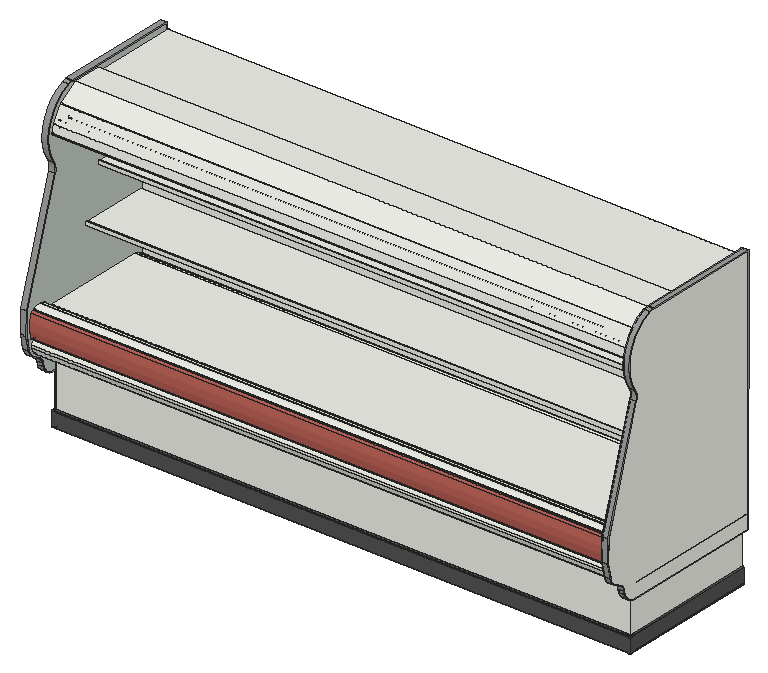
Revit family "IM3SL_2014", category Specialty Equipment, Revit 2014
Parameters (values of type "12'-0" Length")
  Width = 144 1/2"
  Waste Drain Location = if(Width < 144", 24 1/8", 72 3/16")  # 72 3/16"
  Waste Drain = 1 1/4"  # constant formula
  URL = "www.hussmann.com"
  Type Comments = ""
  Trim = Stainless Steel
  Total Weight = Case Weight + (2 * End Weight)  # 1550.00 lbf
  Top Clearance = 1 1/2"  # constant formula
  Splashguard = Textured Sheet Metal (Steel Painted) - 701 Black
  Side Panel - Right [instance] = yes
  Side Panel - Left [instance] = yes
  Shelves = Sheet Metal (Steel Painted) - 700 Interior White
  Shelf Lights [instance] = yes
  Shelf = yes
  Revit Family Date = "01/04/2016"  # constant formula
  Refrigeration Lines Suction = 7/8"  # constant formula
  Refrigeration Lines Liquid = 3/8"  # constant formula
  Refrig. Suction = "Suction"
  Refrig. Liquid = "Liquid"
  Number of Supports = if(Width = 48 1/8", 2, if(Width = 72 1/4", 3, if(Width = 96 1/4", 3, if(Width = 144 1/2", 4, 0))))  # 4
  Number of Shelves = 2  # constant formula
  Note from Manufacturer = "This model only comes in 4'-0\", 6'-0\", 8'-0\", and 12'-0\" lengths."
  Model = "IM3SL"  # constant formula
  Manufacturer Disclaimer = "The information in this file is not intended to be an exact representation of the corresponding Hussmann product.  Further, we reserve the right to change or revise specifications and product design in connection with any feature of our products. Such changes do not entitle the buyer to corresponding changes, improvements, additions, or replacements for equipment previously sold or shipped."  # constant formula
  Manufacturer = "Hussmann Corporation"  # constant formula
  Height = 75 1/4"  # constant formula
  Ends = Textured Sheet Metal (Steel Painted) - 149 White Satin Matte
  End Weight = 75.00 lbf  # constant formula
  Description = ""
  Depth = 43 5/8"  # constant formula
  Clearance [instance] = no
  Case Weight = if(Width = 48 1/8", 500.00 lbf, if(Width = 72 1/4", 900.00 lbf, if(Width = 96 1/4", 1050.00 lbf, if(Width = 144 1/2", 1400.00 lbf, 0.00 lbf))))  # 1400.00 lbf
  Case Interior - Side Panel = Mirror
  Case Interior - Back Panel = Sheet Metal (Steel Painted) - 700 Interior White
  Case = Textured Sheet Metal (Steel Painted) - 149 White Satin Matte
  Bumper = Extruded PVC - 715 Cherry
  Back Clearance = 1 1/2"  # constant formula
  Assembly Code = ""
  Accessories/Options = ""
  8 Case = Width = 72 1/4"  # no
  6 Case = Width = 96 1/4"  # no
  12 Case = Width = 144 1/2"  # yes
Reference planes (in)
  plane 1 "Back": y = 0
  plane 2 "Bottom": z = 0
  plane 3 "Top": z = 75.25
  plane 4 "Left": x = -77.30699
  plane 5 "Front": y = -43.625
  plane 6 "Center (Left/Right)": x = -5.05699
  plane 7: y = 1.5
  plane 8: x = -78.80699
  plane 9 "Right": x = 67.19301
  plane 10: x = 68.69301
  plane 11: z = 76.75
  plane 12: z = 54
  plane 13: z = 42
  plane 14: y = -35.04357
Forms (in)
  Extrusion 1, solid, material "Metal - Copper"
    sketch origin (63.0625, 1.04319, 0) x (1, 0, 0) y (0, 1, 0)
      loop
        arc (-68.05699, -33.91819) -> (-68.49893, -34.10125) -> (-68.68199, -34.54319) r 0.625
        arc (-68.68199, -34.54319) -> (-68.49893, -34.98513) -> (-68.05699, -35.16819) r 0.625
        arc (-68.05699, -35.16819) -> (-67.61504, -34.98513) -> (-67.43199, -34.54319) r 0.625
        arc (-67.43199, -34.54319) -> (-67.61504, -34.10125) -> (-68.05699, -33.91819) r 0.625
      loop
        circle (-68.05699, -34.54319) r 0.5852
    from 16.13709 to 0
  Extrusion 2, solid, material "Metal - Copper"
    sketch origin (57.40105, 5, -0.375) x (1, 0, 0) y (0, 1, 0)
      loop
        circle (0.72946, -34) r 0.41359
      loop
        circle (0.72946, -34) r 0.4375
    from 16.51209 to 0.375
  Extrusion 3, solid, material "Metal - Copper"
    sketch origin (59.82608, 5, -0.375) x (1, 0, 0) y (0, 1, 0)
      loop
        circle (-1.07057, -34) r 0.17188
      loop
        circle (-1.07057, -34) r 0.1875
    from 16.51209 to 0.375
  Extrusion 4, solid, material "Textured Sheet Metal (Steel Painted) - 149 White Satin Matte" <- "Case"
    sketch origin (67.19301, 0, 0) x (0, 0, 1) y (0, -1, 0)
      loop
        line (16.13254, 29.11766) -> (14.94408, 26.89187)
        arc (14.94408, 26.89187) -> (14.88552, 26.82612) -> (14.80214, 26.79782) r 0.17256
        line (14.80214, 26.79782) -> (14.20734, 26.8166) -> (13.68617, 26.771) -> (13.68617, 25.5286)
        arc (13.68617, 25.5286) -> (13.56643, 25.20399) -> (13.26456, 25.03492) r 0.49982
        line (13.26456, 25.03492) -> (10.66014, 24.62236) -> (10.66014, 17.29627)
        arc (10.66014, 17.29627) -> (10.68392, 17.17672) -> (10.75164, 17.07537) r 0.3124
        line (10.75164, 17.07537) -> (10.86573, 16.96128)
        arc (10.86573, 16.96128) -> (10.89686, 16.91946) -> (10.91468, 16.87047) r 0.17979
        arc (10.91468, 16.87047) -> (11.39191, 12.19429) -> (10.91468, 7.51811) r 23.14851
        arc (10.91468, 7.51811) -> (10.89686, 7.46911) -> (10.86573, 7.42729) r 0.17979
        line (10.86573, 7.42729) -> (10.75164, 7.3132)
        arc (10.75164, 7.3132) -> (10.68392, 7.21185) -> (10.66014, 7.0923) r 0.3124
        line (10.66014, 7.0923) -> (10.66014, 4.30582) -> (10.66014, 3.95541) -> (13.18734, 3.95547)
        arc (13.18734, 3.95547) -> (13.54079, 3.80907) -> (13.6872, 3.45563) r 0.49985
        line (13.6872, 3.45563) -> (13.6872, 2.3523) -> (13.92303, 2.34818) -> (14.73111, 2.31152) -> (16.67306, 0.37598)
        arc (16.67306, 0.37598) -> (17.07149, 0.0978) -> (17.54742, -0.00024) r 1.20416
        line (17.54742, -0.00024) -> (73.99157, -0.00024)
        arc (73.99157, -0.00024) -> (74.06276, 0.02925) -> (74.09225, 0.10044) r 0.10069
        line (74.09225, 0.10044) -> (74.09225, 21.6563) -> (75.12573, 21.6563) -> (75.12573, 28.9726) -> (72.13267, 33.49196)
        arc (72.13267, 33.49196) -> (72.11504, 33.60325) -> (72.04232, 33.68932) r 0.20951
        line (72.04232, 33.68932) -> (68.57087, 35.84392)
        arc (68.57087, 35.84392) -> (68.53987, 35.85971) -> (68.50667, 35.87008) r 0.2066
        line (68.50667, 35.87008) -> (66.58336, 36.29681)
        arc (66.58336, 36.29681) -> (66.52525, 36.2958) -> (66.47393, 36.26851) r 0.12446
        line (66.47393, 36.26851) -> (66.04959, 35.89306)
        arc (66.04959, 35.89306) -> (66.01859, 35.85097) -> (66.00761, 35.79985) r 0.12446
        line (66.00761, 35.79985) -> (66.00761, 35.3994)
        arc (66.00761, 35.3994) -> (66.01611, 35.35419) -> (66.04045, 35.31516) r 0.12446
        line (66.04045, 35.31516) -> (66.1655, 35.17917)
        arc (66.1655, 35.17917) -> (66.37068, 35.01433) -> (66.60527, 34.89498) r 1.27904
        arc (66.60527, 34.89498) -> (66.7736, 34.93251) -> (66.94013, 34.97734) r 3.95515
        arc (66.94013, 34.97734) -> (66.98304, 34.98758) -> (67.02341, 34.96979) r 0.06915
        line (67.02341, 34.96979) -> (67.11699, 34.88438)
        arc (67.11699, 34.88438) -> (67.2193, 34.81289) -> (67.33653, 34.77007) r 0.48189
        line (67.33653, 34.77007) -> (67.84017, 34.66369) -> (68.12153, 34.58556)
        arc (68.12153, 34.58556) -> (68.20732, 34.55382) -> (68.29814, 34.54304) r 0.38808
        line (68.29814, 34.54304) -> (68.57268, 34.5428)
        arc (68.57268, 34.5428) -> (68.61648, 34.52463) -> (68.63461, 34.48082) r 0.06198
        line (68.63461, 34.48082) -> (68.63461, 34.23039)
        spline (68.63461, 34.23039) -> (68.63408, 34.22223) -> (68.63248, 34.21422) -> (68.62985, 34.20648) -> (68.62624, 34.19915) -> (68.6217, 34.19236) -> (68.61631, 34.18621) -> (68.61017, 34.18082) -> (68.60338, 34.17629) -> (68.59605, 34.17267) -> (68.58831, 34.17004) -> (68.58029, 34.16845) -> (68.57214, 34.16792)
        line (68.57214, 34.16792) -> (68.32268, 34.16792)
        spline (68.32268, 34.16792) -> (68.31453, 34.16738) -> (68.30651, 34.16579) -> (68.29878, 34.16316) -> (68.29145, 34.15955) -> (68.28465, 34.15501) -> (68.27851, 34.14962) -> (68.27312, 34.14348) -> (68.26858, 34.13668) -> (68.26497, 34.12935) -> (68.26234, 34.12161) -> (68.26075, 34.1136) -> (68.26021, 34.10544)
        line (68.26021, 34.10544) -> (68.26021, 33.66807) -> (68.63461, 33.66807) -> (68.63461, 32.02261) -> (68.63461, 31.527)
        arc (68.63461, 31.527) -> (68.59801, 31.43864) -> (68.50965, 31.40204) r 0.12496
        line (68.50965, 31.40204) -> (68.29295, 31.40095)
        arc (68.29295, 31.40095) -> (68.20536, 31.36467) -> (68.16908, 31.27708) r 0.12387
        line (68.16908, 31.27708) -> (68.16908, 30.65565) -> (69.84423, 30.65565) -> (70.84979, 29.4579) -> (72.0151, 28.06987) -> (74.02151, 28.06987) -> (74.02151, 27.64574) -> (72.54043, 27.64574) -> (72.54043, 24.03345) -> (71.07273, 24.03345) -> (71.06187, 22.78932) -> (69.28373, 22.80484) -> (69.14153, 6.51002) -> (27.40618, 6.51002)
        arc (27.40618, 6.51002) -> (27.259, 7.04808) -> (26.83603, 7.41175) r 0.95364
        arc (26.83603, 7.41175) -> (26.17376, 7.53427) -> (25.53882, 7.75891) r 4.29036
        line (25.53882, 7.75891) -> (26.05056, 7.75983) -> (26.05056, 8.19834)
        arc (26.05056, 8.19834) -> (26.12346, 8.37435) -> (26.29947, 8.44725) r 0.24892
        line (26.29947, 8.44725) -> (26.40004, 8.44725)
        arc (26.40004, 8.44725) -> (26.46849, 8.4622) -> (26.52449, 8.5043) r 0.16429
        line (26.52449, 8.5043) -> (26.52449, 15.96655)
        arc (26.52449, 15.96655) -> (26.49798, 16.04334) -> (26.42973, 16.08741) r 0.12446
        arc (26.42973, 16.08741) -> (26.27138, 16.18966) -> (26.20986, 16.36782) r 0.28874
        line (26.20986, 16.36782) -> (26.20986, 23.14333)
        arc (26.20986, 23.14333) -> (26.18186, 24.02535) -> (26.09795, 24.90383) r 13.90253
        line (26.09795, 24.90383) -> (24.58034, 36.79172) -> (24.48052, 37.57367) -> (24.45189, 37.90092) -> (27.99146, 37.90092) -> (28.92043, 38.05834)
        arc (28.92043, 38.05834) -> (28.94168, 38.0655) -> (28.95969, 38.07888) r 0.0717
        line (28.95969, 38.07888) -> (29.86507, 39.00399)
        arc (29.86507, 39.00399) -> (29.87806, 39.02228) -> (29.88476, 39.04369) r 0.0717
        line (29.88476, 39.04369) -> (30.01889, 39.954)
        arc (30.01889, 39.954) -> (30.00603, 40.00651) -> (29.96047, 40.03692) r 0.0717
        arc (29.96047, 40.03692) -> (29.99883, 40.04617) -> (30.01841, 40.08041) r 0.04978
        arc (30.01841, 40.08041) -> (29.96582, 41.0929) -> (29.59, 42.03452) r 3.10624
        arc (29.59, 42.03452) -> (29.56854, 42.05489) -> (29.5393, 42.05948) r 0.04978
        line (29.5393, 42.05948) -> (29.09814, 41.86391) -> (23.22502, 41.86391) -> (23.0148, 42.07413)
        spline (23.0148, 42.07413) -> (23.02248, 42.06477) -> (23.02819, 42.0541) -> (23.0317, 42.04252) -> (23.03289, 42.03047) -> (23.0317, 42.01843) -> (23.02819, 42.00685) -> (23.02249, 41.99618) -> (23.01481, 41.98683) -> (23.00545, 41.97915) -> (22.99478, 41.97345) -> (22.9832, 41.96993) -> (22.97115, 41.96875)
        line (22.97115, 41.96875) -> (22.67405, 41.96875) -> (22.67405, 42.08578)
        arc (22.67405, 42.08578) -> (22.2812, 42.46446) -> (21.78372, 42.68861) r 1.59546
        arc (21.78372, 42.68861) -> (21.42323, 42.72046) -> (21.07178, 42.63412) r 1.10499
        line (21.07178, 42.63412) -> (19.77515, 42.07767)
        arc (19.77515, 42.07767) -> (19.69582, 42.0264) -> (19.6379, 41.95179) r 0.28177
        line (19.6379, 41.95179) -> (16.57726, 36.23822) -> (16.81529, 36.11071) -> (16.13254, 34.83615) -> (16.13254, 29.11766)
    from 0 to -144.5
  Extrusion 5, solid, material "Extruded PVC - 715 Cherry" <- "Bumper"
    sketch origin (67.19301, 0, 0) x (0, 0, 1) y (0, -1, 0)
      loop
        arc (23.36703, 42.9239) -> (23.09448, 42.71168) -> (22.91246, 42.4181) r 0.98023
        arc (22.91246, 42.4181) -> (22.89999, 42.38516) -> (22.88858, 42.35185) r 1.10618
        arc (22.88858, 42.35185) -> (22.89276, 42.24849) -> (22.93492, 42.15401) r 0.27444
        line (22.93492, 42.15401) -> (23.22502, 41.86391) -> (29.09814, 41.86391) -> (29.5393, 42.05948)
        arc (29.5393, 42.05948) -> (29.51384, 42.24188) -> (29.4603, 42.4181) r 1.17936
        arc (29.4603, 42.4181) -> (29.27828, 42.71168) -> (29.00573, 42.9239) r 0.98023
        arc (29.00573, 42.9239) -> (26.18638, 43.36556) -> (23.36703, 42.9239) r 9.21958
    from 0 to -144.5
  Extrusion 6, solid, material "Sheet Metal (Steel Painted) - 700 Interior White" <- "Shelves"
    sketch origin (67.19301, 0, 0) x (0, 0, 1) y (0, -1, 0)
      loop
        line (28.23938, 10.46248) -> (28.23938, 36.34987) -> (27.74827, 36.34987) -> (27.74827, 36.75909)
        arc (27.74827, 36.75909) -> (27.73516, 36.85863) -> (27.69674, 36.95138) r 0.38458
        line (27.69674, 36.95138) -> (27.61289, 37.09662) -> (27.22255, 37.09662) -> (27.22255, 37.05084) -> (27.38734, 36.76543) -> (27.38734, 35.3542) -> (27.61709, 35.3542) -> (27.61709, 10.46248) -> (27.76345, 10.46248) -> (27.76345, 10.01991) -> (27.76345, 9.8143) -> (27.40202, 9.8143) -> (27.40202, 8.89089) -> (27.23674, 8.60461) -> (27.23674, 8.56573) -> (27.63048, 8.56573) -> (27.76143, 8.79254) -> (27.76212, 9.48191)
        arc (27.76212, 9.48191) -> (27.81165, 9.36529) -> (27.92823, 9.31696) r 0.16478
        arc (27.92823, 9.31696) -> (28.00374, 9.33528) -> (28.06246, 9.38616) r 0.16478
        line (28.06246, 9.38616) -> (28.19187, 9.61031) -> (28.19187, 10.46248) -> (28.23938, 10.46248)
      loop
        arc (25.19576, 36.46249) -> (25.14137, 36.56499) -> (25.0328, 36.60597) r 0.16429
        line (25.0328, 36.60597) -> (24.93664, 36.60597)
        arc (24.93664, 36.60597) -> (24.77215, 36.66806) -> (24.68973, 36.82336) r 0.24892
        line (24.68973, 36.82336) -> (24.56586, 37.79362) -> (24.46243, 37.78042) -> (24.48052, 37.57367) -> (24.58034, 36.79172) -> (26.09795, 24.90383)
        arc (26.09795, 24.90383) -> (26.18186, 24.02535) -> (26.20986, 23.14333) r 13.90253
        line (26.20986, 23.14333) -> (26.20986, 16.36782)
        arc (26.20986, 16.36782) -> (26.27138, 16.18966) -> (26.42973, 16.08741) r 0.28874
        arc (26.42973, 16.08741) -> (26.49798, 16.04334) -> (26.52449, 15.96655) r 0.12446
        line (26.52449, 15.96655) -> (26.52449, 8.5043)
        arc (26.52449, 8.5043) -> (26.46849, 8.4622) -> (26.40004, 8.44725) r 0.16429
        line (26.40004, 8.44725) -> (26.29947, 8.44725)
        arc (26.29947, 8.44725) -> (26.12346, 8.37435) -> (26.05056, 8.19834) r 0.24892
        line (26.05056, 8.19834) -> (26.05056, 7.76003) -> (26.12324, 7.76016) -> (26.12324, 8.12565)
        arc (26.12324, 8.12565) -> (26.19615, 8.30166) -> (26.37216, 8.37457) r 0.24892
        line (26.37216, 8.37457) -> (26.4738, 8.37457) -> (26.85331, 8.37457)
        arc (26.85331, 8.37457) -> (26.94132, 8.41102) -> (26.97777, 8.49903) r 0.12446
        line (26.97777, 8.49903) -> (26.97777, 19.40559)
        arc (26.97777, 19.40559) -> (26.95064, 19.49602) -> (26.87821, 19.55659) r 0.16429
        arc (26.87821, 19.55659) -> (26.80577, 19.61715) -> (26.77864, 19.70759) r 0.16429
        line (26.77864, 19.70759) -> (26.77864, 23.14333)
        arc (26.77864, 23.14333) -> (26.74949, 24.06144) -> (26.66214, 24.97585) r 14.47131
        line (26.66214, 24.97585) -> (25.19576, 36.46249)
      loop
        arc (26.13745, 24.90887) -> (26.2216, 24.02788) -> (26.24969, 23.14333) r 13.94236
        line (26.24969, 23.14333) -> (26.24969, 16.3781)
        arc (26.24969, 16.3781) -> (26.31492, 16.21012) -> (26.47641, 16.13018) r 0.24892
        arc (26.47641, 16.13018) -> (26.583, 16.07741) -> (26.62605, 15.96655) r 0.16429
        line (26.62605, 15.96655) -> (26.62605, 8.61154)
        arc (26.62605, 8.61154) -> (26.57794, 8.49537) -> (26.46177, 8.44725) r 0.16429
        line (26.46177, 8.44725) -> (26.65991, 8.44725)
        arc (26.65991, 8.44725) -> (26.77607, 8.49537) -> (26.82419, 8.61154) r 0.16429
        line (26.82419, 8.61154) -> (26.82419, 19.32804)
        arc (26.82419, 19.32804) -> (26.79721, 19.41825) -> (26.72512, 19.47882) r 0.16429
        arc (26.72512, 19.47882) -> (26.65304, 19.5394) -> (26.62605, 19.62961) r 0.16429
        line (26.62605, 19.62961) -> (26.62605, 23.14333)
        arc (26.62605, 23.14333) -> (26.59721, 24.05176) -> (26.51078, 24.95653) r 14.31872
        line (26.51078, 24.95653) -> (25.17049, 35.45551)
        arc (25.17049, 35.45551) -> (25.11374, 35.56004) -> (25.00131, 35.59917) r 0.16429
        arc (25.00131, 35.59917) -> (24.83098, 35.65801) -> (24.745, 35.81639) r 0.24892
        line (24.745, 35.81639) -> (26.13745, 24.90887)
    from 0 to -144.5
  Extrusion 7, solid, material "Sheet Metal (Steel Painted) - 700 Interior White" <- "Case Interior - Back Panel"
    sketch origin (67.19301, 0, 0) x (0, 0, 1) y (0, -1, 0)
      loop
        arc (25.5383, 7.75891) -> (26.17342, 7.53419) -> (26.83588, 7.41166) r 4.29059
        arc (26.83588, 7.41166) -> (27.25888, 7.04802) -> (27.40608, 6.50998) r 0.95357
        line (27.40608, 6.50998) -> (69.14153, 6.50998) -> (69.29795, 24.43474) -> (68.94748, 24.4378)
        arc (68.94748, 24.4378) -> (68.93664, 24.46464) -> (68.90999, 24.47595) r 0.03783
        line (68.90999, 24.47595) -> (67.87054, 24.48502) -> (67.87124, 24.56482) -> (68.89124, 24.56482) -> (68.89124, 27.43665) -> (68.64233, 27.43665) -> (68.64233, 27.56111) -> (68.89124, 27.563) -> (68.89124, 30.03783) -> (68.83378, 30.03783) -> (68.83403, 30.55125)
        arc (68.83403, 30.55125) -> (68.79781, 30.61972) -> (68.72536, 30.6471) r 0.10952
        line (68.72536, 30.6471) -> (68.15743, 30.6471) -> (68.15743, 34.254)
        arc (68.15743, 34.254) -> (68.1446, 34.28498) -> (68.11361, 34.29782) r 0.04383
        line (68.11361, 34.29782) -> (66.91292, 34.29782)
        arc (66.91292, 34.29782) -> (66.88396, 34.26885) -> (66.91292, 34.23988) r 0.02897
        line (66.91292, 34.23988) -> (68.12854, 34.23988) -> (68.12854, 31.83951) -> (68.04988, 31.83951) -> (68.04988, 31.72601) -> (67.80395, 31.72601) -> (67.80395, 31.40839) -> (68.04988, 31.40839) -> (68.04988, 31.30167) -> (67.66956, 30.82239)
        arc (67.66956, 30.82239) -> (67.58007, 30.67233) -> (67.54892, 30.50041) r 0.49001
        line (67.54892, 30.50041) -> (67.54892, 29.85386)
        arc (67.54892, 29.85386) -> (67.56351, 29.81975) -> (67.59826, 29.80674) r 0.04718
        arc (67.59826, 29.80674) -> (67.62313, 29.83348) -> (67.59466, 29.85635) r 0.02494
        line (67.59466, 29.85635) -> (67.59466, 30.20966) -> (67.84579, 30.20966) -> (67.84579, 29.83523)
        arc (67.84579, 29.83523) -> (67.87068, 29.81034) -> (67.89558, 29.83523) r 0.02489
        line (67.89558, 29.83523) -> (67.89558, 24.7755)
        arc (67.89558, 24.7755) -> (67.8708, 24.79355) -> (67.85014, 24.7709) r 0.02297
        line (67.85014, 24.7709) -> (67.84778, 24.50016)
        arc (67.84778, 24.50016) -> (67.85863, 24.47331) -> (67.88528, 24.462) r 0.03783
        line (67.88528, 24.462) -> (68.92472, 24.45293) -> (68.77971, 7.8362) -> (25.5383, 7.75891)
    from 0 to -144.5
  Extrusion 8, solid, material "Textured Sheet Metal (Steel Painted) - 149 White Satin Matte" <- "Ends", visible <- "Side Panel - Right"
    sketch origin (67.19301, 0, 0) x (0, 0, 1) y (0, -1, 0)
      loop
        arc (17.86589, 40.39382) -> (17.08249, 39.43818) -> (15.98034, 38.87939) r 2.99995
        line (15.98034, 38.87939) -> (15.03076, 38.62494)
        arc (15.03076, 38.62494) -> (13.42718, 37.55347) -> (12.80725, 35.72721) r 2.99995
        line (12.80725, 35.72721) -> (12.75926, 35.72721) -> (12.75926, -0.00022) -> (75.48926, -0.00022) -> (75.48926, 29.63436) -> (75.44127, 29.63436)
        arc (75.44127, 29.63436) -> (75.38405, 30.21748) -> (75.21457, 30.77836) r 2.99995
        arc (75.21457, 30.77836) -> (68.54359, 36.82586) -> (59.64038, 35.48157) r 10.49984
        arc (59.64038, 35.48157) -> (58.38585, 34.99922) -> (57.04661, 35.11307) r 2.99995
        line (57.04661, 35.11307) -> (29.85838, 43.84423) -> (24.27437, 44.07527) -> (20.50895, 43.20143)
        arc (20.50895, 43.20143) -> (19.34828, 42.64946) -> (18.52512, 41.66244) r 2.99995
        line (18.52512, 41.66244) -> (17.86589, 40.39382)
    from 1.5 to 0.03125
  Extrusion 9, solid, material "Mirror" <- "Case Interior - Side Panel", visible <- "Side Panel - Right"
    sketch origin (67.19301, 0, 0) x (0, 0, 1) y (0, -1, 0)
      loop
        arc (17.86589, 40.39382) -> (17.08249, 39.43818) -> (15.98034, 38.87939) r 2.99995
        line (15.98034, 38.87939) -> (15.03076, 38.62494)
        arc (15.03076, 38.62494) -> (13.42718, 37.55347) -> (12.80725, 35.72721) r 2.99995
        line (12.80725, 35.72721) -> (12.75926, 35.72721) -> (12.75926, -0.00022) -> (75.48926, -0.00022) -> (75.48926, 29.63436) -> (75.44127, 29.63436)
        arc (75.44127, 29.63436) -> (75.38405, 30.21748) -> (75.21457, 30.77836) r 2.99995
        arc (75.21457, 30.77836) -> (68.54359, 36.82586) -> (59.64038, 35.48157) r 10.49984
        arc (59.64038, 35.48157) -> (58.38585, 34.99922) -> (57.04661, 35.11307) r 2.99995
        line (57.04661, 35.11307) -> (29.85838, 43.84423) -> (24.27437, 44.07527) -> (20.50895, 43.20143)
        arc (20.50895, 43.20143) -> (19.34828, 42.64946) -> (18.52512, 41.66244) r 2.99995
        line (18.52512, 41.66244) -> (17.86589, 40.39382)
    from 0.03125 to 0
  Extrusion 10, solid, material "Textured Sheet Metal (Steel Painted) - 149 White Satin Matte" <- "Ends", visible <- "Side Panel - Left"
    sketch origin (-77.30699, 0, 0) x (0, 1, 0) y (0, 0, 1)
      loop
        arc (-40.39382, 17.86589) -> (-39.43818, 17.08249) -> (-38.87939, 15.98034) r 2.99995
        line (-38.87939, 15.98034) -> (-38.62494, 15.03076)
        arc (-38.62494, 15.03076) -> (-37.55347, 13.42718) -> (-35.72721, 12.80725) r 2.99995
        line (-35.72721, 12.80725) -> (-35.72721, 12.75926) -> (0.00022, 12.75926) -> (0.00022, 75.48926) -> (-29.63436, 75.48926) -> (-29.63436, 75.44127)
        arc (-29.63436, 75.44127) -> (-30.21748, 75.38405) -> (-30.77836, 75.21457) r 2.99995
        arc (-30.77836, 75.21457) -> (-36.82586, 68.54359) -> (-35.48157, 59.64038) r 10.49984
        arc (-35.48157, 59.64038) -> (-34.99922, 58.38585) -> (-35.11307, 57.04661) r 2.99995
        line (-35.11307, 57.04661) -> (-43.84423, 29.85838) -> (-44.07527, 24.27437) -> (-43.20143, 20.50895)
        arc (-43.20143, 20.50895) -> (-42.64946, 19.34828) -> (-41.66244, 18.52512) r 2.99995
        line (-41.66244, 18.52512) -> (-40.39382, 17.86589)
    from -0.03125 to -1.5
  Extrusion 11, solid, material "Mirror" <- "Case Interior - Side Panel", visible <- "Side Panel - Left"
    sketch origin (-77.30699, 0, 0) x (0, 1, 0) y (0, 0, 1)
      loop
        arc (-40.39382, 17.86589) -> (-39.43818, 17.08249) -> (-38.87939, 15.98034) r 2.99995
        line (-38.87939, 15.98034) -> (-38.62494, 15.03076)
        arc (-38.62494, 15.03076) -> (-37.55347, 13.42718) -> (-35.72721, 12.80725) r 2.99995
        line (-35.72721, 12.80725) -> (-35.72721, 12.75926) -> (0.00022, 12.75926) -> (0.00022, 75.48926) -> (-29.63436, 75.48926) -> (-29.63436, 75.44127)
        arc (-29.63436, 75.44127) -> (-30.21748, 75.38405) -> (-30.77836, 75.21457) r 2.99995
        arc (-30.77836, 75.21457) -> (-36.82586, 68.54359) -> (-35.48157, 59.64038) r 10.49984
        arc (-35.48157, 59.64038) -> (-34.99922, 58.38585) -> (-35.11307, 57.04661) r 2.99995
        line (-35.11307, 57.04661) -> (-43.84423, 29.85838) -> (-44.07527, 24.27437) -> (-43.20143, 20.50895)
        arc (-43.20143, 20.50895) -> (-42.64946, 19.34828) -> (-41.66244, 18.52512) r 2.99995
        line (-41.66244, 18.52512) -> (-40.39382, 17.86589)
    from 0 to -0.03125
  Extrusion 12, solid, material "Stainless Steel" <- "Trim"
    sketch origin (67.19301, 0, 0) x (0, 0, 1) y (0, -1, 0)
      loop
        line (2.94201, 0.90695) -> (2.62114, 0.90695) -> (2.62114, 0.84996) -> (2.92704, 0.84996)
        arc (2.92704, 0.84996) -> (2.97794, 0.87105) -> (2.999, 0.92196) r 0.07196
        line (2.999, 0.92196) -> (2.999, 2.18755)
        arc (2.999, 2.18755) -> (2.97791, 2.23844) -> (2.92701, 2.25951) r 0.07199
        line (2.92701, 2.25951) -> (0.07193, 2.25951)
        arc (0.07193, 2.25951) -> (0.02199, 2.23936) -> (0, 2.1902) r 0.07199
        line (0, 2.1902) -> (0, 0.92016)
        arc (0, 0.92016) -> (0.02167, 0.8704) -> (0.07194, 0.84992) r 0.07196
        line (0.07194, 0.84992) -> (0.37783, 0.84992) -> (0.37783, 0.9069) -> (0.05694, 0.9069) -> (0.05694, 2.20252) -> (2.94201, 2.20252) -> (2.94201, 0.90695)
    from 0 to -144.5
  Sweep 13, solid, material "Stainless Steel" <- "Trim", visible <- "Side Panel - Right"
    path origin (67.19301, 0, 0) x (0, 0, 1) y (0, -1, 0)
      loop
        line (12.75926, -0.00022) -> (75.48926, -0.00022) -> (75.48926, 29.63436) -> (75.44127, 29.63436)
        arc (75.44127, 29.63436) -> (75.38405, 30.21748) -> (75.21457, 30.77836) r 2.99995
        arc (75.21457, 30.77836) -> (68.54359, 36.82586) -> (59.64038, 35.48157) r 10.49984
        arc (59.64038, 35.48157) -> (58.38585, 34.99922) -> (57.04661, 35.11307) r 2.99995
        line (57.04661, 35.11307) -> (29.85838, 43.84423) -> (24.27437, 44.07527) -> (20.50895, 43.20143)
        arc (20.50895, 43.20143) -> (19.34828, 42.64946) -> (18.52512, 41.66244) r 2.99995
        line (18.52512, 41.66244) -> (17.86589, 40.39382)
        arc (17.86589, 40.39382) -> (17.08249, 39.43818) -> (15.98034, 38.87939) r 2.99995
        line (15.98034, 38.87939) -> (15.03076, 38.62494)
        arc (15.03076, 38.62494) -> (13.42718, 37.55347) -> (12.80725, 35.72721) r 2.99995
        line (12.80725, 35.72721) -> (12.75926, 35.72721) -> (12.75926, -0.00022)
    profile origin (67.19301, -17.8635, 12.75926) x (0, 0, -1) y (1, 0, 0)
      loop
        line (0, 0) -> (0.0625, 0) -> (0.0625, 1.5) -> (0, 1.5) -> (0, 0)
  Sweep 14, solid, material "Stainless Steel" <- "Trim", visible <- "Side Panel - Left"
    path origin (-77.30699, 0, 0) x (0, 1, 0) y (0, 0, 1)
      loop
        line (0.00022, 12.75926) -> (0.00022, 75.48926) -> (-29.63436, 75.48926) -> (-29.63436, 75.44127)
        arc (-29.63436, 75.44127) -> (-30.21748, 75.38405) -> (-30.77836, 75.21457) r 2.99995
        arc (-30.77836, 75.21457) -> (-36.82586, 68.54359) -> (-35.48157, 59.64038) r 10.49984
        arc (-35.48157, 59.64038) -> (-34.99922, 58.38585) -> (-35.11307, 57.04661) r 2.99995
        line (-35.11307, 57.04661) -> (-43.84423, 29.85838) -> (-44.07527, 24.27437) -> (-43.20143, 20.50895)
        arc (-43.20143, 20.50895) -> (-42.64946, 19.34828) -> (-41.66244, 18.52512) r 2.99995
        line (-41.66244, 18.52512) -> (-40.39382, 17.86589)
        arc (-40.39382, 17.86589) -> (-39.43818, 17.08249) -> (-38.87939, 15.98034) r 2.99995
        line (-38.87939, 15.98034) -> (-38.62494, 15.03076)
        arc (-38.62494, 15.03076) -> (-37.55347, 13.42718) -> (-35.72721, 12.80725) r 2.99995
        line (-35.72721, 12.80725) -> (-35.72721, 12.75926) -> (0.00022, 12.75926)
    profile origin (-77.30699, -17.8635, 12.75926) x (0, 0, -1) y (1, 0, 0)
      loop
        line (0, 0) -> (0, -1.5) -> (0.0625, -1.5) -> (0.0625, 0) -> (0, 0)
  Sweep 15, solid, material "Textured Sheet Metal (Steel Painted) - 149 White Satin Matte" <- "Case"
    path origin (0, 0, 0) x (1, 0, 0) y (0, 1, 0)
      loop
        line (-77.30699, 0) -> (-77.30699, -35.04357) -> (67.19301, -35.04357) -> (67.19301, 0)
    profile origin (-5.05699, -35.04357, 0) x (0, 1, 0) y (0, 0, 1)
      loop
        line (0.035, 3.97362) -> (0.035, 15.2816)
        arc (0.035, 15.2816) -> (0.0283, 15.3066) -> (0.01, 15.3249) r 0.05
        line (0.01, 15.3249) -> (-0.99297, 15.90397) -> (-0.99297, 16.57076) -> (-1.02797, 16.57076) -> (-1.02797, 15.91263)
        arc (-1.02797, 15.91263) -> (-1.02127, 15.88763) -> (-1.00297, 15.86933) r 0.05
        line (-1.00297, 15.86933) -> (0, 15.29026) -> (0, 3.97362) -> (0.035, 3.97362)
  Sweep 16, solid, material "Textured Sheet Metal (Steel Painted) - 701 Black" <- "Splashguard"
    path origin (0, 0, 0) x (1, 0, 0) y (0, 1, 0)
      loop
        line (-77.30699, 0) -> (-77.30699, -35.04357) -> (67.19301, -35.04357) -> (67.19301, 0)
    profile origin (-5.05699, -35.04357, 0) x (0, 1, 0) y (0, 0, 1)
      loop
        line (0.035, 2.13805) -> (0.035, 3.97362) -> (0, 3.97362)
        arc (0, 3.97362) -> (-0.02734, 4.01818) -> (-0.07945, 4.01402) r 0.05
        line (-0.07945, 4.01402) -> (-0.46846, 3.73045)
        arc (-0.46846, 3.73045) -> (-0.48357, 3.71271) -> (-0.48901, 3.69004) r 0.05
        line (-0.48901, 3.69004) -> (-0.48901, 0.04909)
        arc (-0.48901, 0.04909) -> (-0.46401, 0.00579) -> (-0.41401, 0.00579) r 0.05
        line (-0.41401, 0.00579) -> (-0.33901, 0.04909) -> (-0.14057, 0.04909)
        arc (-0.14057, 0.04909) -> (-0.06087, -0.00005) -> (0, 0.07109) r 0.07201
        line (0, 0.07109) -> (0, 2.13805) -> (0.035, 2.13805)
Cuts and joins
  joined: Extrusion 4, Sweep 15
Lines and regions (in)
  reference lines
    curve 1: line (-4.99449, -43.625, 0) -> (-4.99449, 0, 0)
    curve 2: line (58.56801, -43.625, 0) -> (58.56801, 0, 0)
    curve 3: line (-77.30699, -33.5, 0) -> (67.19301, -33.5, 0)
    curve 4: line (67.19301, -29, 0) -> (-77.30699, -29, 0)
  symbolic lines, style "Clearance", visible <- "Clearance"
    curve 5: line (-77.30699, 0, 0) -> (-77.30699, 1.5, 0)
    curve 6: line (-77.30699, 1.5, 0) -> (67.19301, 1.5, 0)
    curve 7: line (67.19301, 1.5, 0) -> (67.19301, 0, 0)
    curve 8: line (67.19301, 0.06272, 74.09225) -> (67.19301, 1.5, 74.09225)
    curve 9: line (67.19301, 1.5, 74.09225) -> (67.19301, 1.5, 0)
    curve 10: line (67.19301, 1.5, 0) -> (67.19301, 0, 0)
    curve 11: line (67.19301, 0, 75.55176) -> (67.19301, 0, 76.75)
    curve 12: line (67.19301, 0, 76.75) -> (67.19301, -37.33669, 76.75)
    curve 13: line (67.19301, -37.33669, 65.50816) -> (67.19301, -37.33669, 76.75)
    curve 14: line (-77.30699, -40, 75.55176) -> (-77.30699, -40, 76.75)
    curve 15: line (-77.30699, -40, 76.75) -> (67.19301, -40, 76.75)
    curve 16: line (67.19301, -40, 76.75) -> (67.19301, -40, 75.55176)
  model lines, style "SpecialityEquipment", detail levels fine
    curve 17: line (67.19301, -36.11071, 16.81529) -> (67.19301, -41.86391, 19.89716)
    curve 18: line (67.19301, -41.86391, 19.89716) -> (67.19301, -41.86391, 29.09814)
    curve 19: line (67.19301, -41.86391, 29.09814) -> (67.19301, -40.85581, 29.09814)
    curve 20: line (67.19301, -40.85581, 29.09814) -> (67.19301, -40.85581, 23.4303)
    curve 21: arc (67.19301, -40.85581, 23.4303) -> (67.19301, -40.81792, 23.23978) -> (67.19301, -40.71, 23.07827) r 0.49783
    curve 22: line (67.19301, -40.71, 23.07827) -> (67.19301, -40.0335, 22.40178)
    curve 23: arc (67.19301, -40.0335, 22.40178) -> (67.19301, -39.92559, 22.24027) -> (67.19301, -39.88769, 22.04975) r 0.49783
    curve 24: line (67.19301, -39.88769, 22.04975) -> (67.19301, -39.88769, 21.57623)
    curve 25: arc (67.19301, -39.88769, 21.57623) -> (67.19301, -39.74188, 21.2242) -> (67.19301, -39.38986, 21.07839) r 0.49783
    curve 26: line (67.19301, -39.38986, 21.07839) -> (67.19301, -38.58193, 21.07839)
    curve 27: arc (67.19301, -38.58193, 21.07839) -> (67.19301, -38.2361, 20.93867) -> (67.19301, -38.0844, 20.59793) r 0.49783
    curve 28: line (67.19301, -38.0844, 20.59793) -> (67.19301, -38.07501, 20.32913)
    curve 29: arc (67.19301, -38.07501, 20.32913) -> (67.19301, -38.00007, 20.08335) -> (67.19301, -37.81255, 19.90767) r 0.49783
    curve 30: line (67.19301, -37.81255, 19.90767) -> (67.19301, -37.09237, 19.52188)
    curve 31: arc (67.19301, -37.09237, 19.52188) -> (67.19301, -36.97848, 19.47786) -> (67.19301, -36.85729, 19.46288) r 0.49783
    curve 32: line (67.19301, -36.85729, 19.46288) -> (67.19301, -34.6692, 19.46288)
    curve 33: arc (67.19301, -34.6692, 19.46288) -> (67.19301, -34.42029, 19.52958) -> (67.19301, -34.23807, 19.7118) r 0.49783
    curve 34: line (67.19301, -34.23807, 19.7118) -> (67.19301, -33.59278, 20.82947)
    curve 35: arc (67.19301, -33.59278, 20.82947) -> (67.19301, -33.41056, 21.01169) -> (67.19301, -33.16164, 21.07839) r 0.49783
    curve 36: line (67.19301, -33.16164, 21.07839) -> (67.19301, -24.36655, 21.07839)
    curve 37: line (67.19301, -24.36655, 21.07839) -> (67.19301, -11.04957, 23.03785)
    curve 38: arc (67.19301, -11.04957, 23.03785) -> (67.19301, -9.08537, 23.86117) -> (67.19301, -7.7591, 25.5276) r 4.29036
  model lines, style "SpecialityEquipment", not visible, detail levels fine
    curve 39: line (67.19301, -36.11071, 16.81529) -> (67.19301, -41.86391, 19.89716)
    curve 40: line (67.19301, -41.86391, 19.89716) -> (67.19301, -41.86391, 29.09814)
    curve 41: line (67.19301, -41.86391, 29.09814) -> (67.19301, -40.85581, 29.09814)
    curve 42: line (67.19301, -40.85581, 29.09814) -> (67.19301, -40.85581, 23.4303)
    curve 43: arc (67.19301, -40.85581, 23.4303) -> (67.19301, -40.81792, 23.23978) -> (67.19301, -40.71, 23.07827) r 0.49783
    curve 44: line (67.19301, -40.71, 23.07827) -> (67.19301, -40.0335, 22.40178)
    curve 45: arc (67.19301, -40.0335, 22.40178) -> (67.19301, -39.92559, 22.24027) -> (67.19301, -39.88769, 22.04975) r 0.49783
    curve 46: line (67.19301, -39.88769, 22.04975) -> (67.19301, -39.88769, 21.57623)
    curve 47: arc (67.19301, -39.88769, 21.57623) -> (67.19301, -39.74188, 21.2242) -> (67.19301, -39.38986, 21.07839) r 0.49783
    curve 48: line (67.19301, -39.38986, 21.07839) -> (67.19301, -38.58193, 21.07839)
    curve 49: arc (67.19301, -38.58193, 21.07839) -> (67.19301, -38.2361, 20.93867) -> (67.19301, -38.0844, 20.59793) r 0.49783
    curve 50: line (67.19301, -38.0844, 20.59793) -> (67.19301, -38.07501, 20.32913)
    curve 51: arc (67.19301, -38.07501, 20.32913) -> (67.19301, -38.00007, 20.08335) -> (67.19301, -37.81255, 19.90767) r 0.49783
    curve 52: line (67.19301, -37.81255, 19.90767) -> (67.19301, -37.09237, 19.52188)
    curve 53: arc (67.19301, -37.09237, 19.52188) -> (67.19301, -36.97848, 19.47786) -> (67.19301, -36.85729, 19.46288) r 0.49783
    curve 54: line (67.19301, -36.85729, 19.46288) -> (67.19301, -34.6692, 19.46288)
    curve 55: arc (67.19301, -34.6692, 19.46288) -> (67.19301, -34.42029, 19.52958) -> (67.19301, -34.23807, 19.7118) r 0.49783
    curve 56: line (67.19301, -34.23807, 19.7118) -> (67.19301, -33.59278, 20.82947)
    curve 57: arc (67.19301, -33.59278, 20.82947) -> (67.19301, -33.41056, 21.01169) -> (67.19301, -33.16164, 21.07839) r 0.49783
    curve 58: line (67.19301, -33.16164, 21.07839) -> (67.19301, -24.36655, 21.07839)
    curve 59: line (67.19301, -24.36655, 21.07839) -> (67.19301, -11.04957, 23.03785)
    curve 60: arc (67.19301, -11.04957, 23.03785) -> (67.19301, -9.08537, 23.86117) -> (67.19301, -7.7591, 25.5276) r 4.29036
Dimensions and locks (in)
  equal spacing: plane 4 "Left", plane 6 "Center (Left/Right)", plane 9 "Right"
  locked: plane 8 to plane 4 "Left" at 1.5
  "Width": plane 4 "Left" to plane 9 "Right"
  "Waste Drain Location": curve 1 to plane 9 "Right"
  "Depth": plane 5 "Front" to plane 1 "Back"
  "Back Clearance": plane 1 "Back" to plane 7
  locked: curve 2 to plane 9 "Right" at 8.625
  "Height": plane 3 "Top" to level
  locked: plane 1 "Back" to curve 3 at 33.5
  locked: plane 1 "Back" to curve 4 at 29
  locked: plane 9 "Right" to plane 10 at 1.5
  "Top Clearance": plane 11 to plane 3 "Top"
  locked: Extrusion 1 sketch curve to Extrusion 1 sketch curve at 0.0398
  locked: Extrusion 3 sketch curve to Extrusion 3 sketch curve at 0.01562
  locked: Extrusion 2 sketch curve to Extrusion 2 sketch curve at 0.02391
  locked: Extrusion 9 to plane 9 "Right" at 0.03125
  locked: plane 4 "Left" to Extrusion 11 at 0.03125
  plane 12 to level = 54"
  plane 13 to level = 42"
  nested 9 to plane 6 "Center (Left/Right)" to nested 7 = 24" locked, 24" locked
  "Waste Drain": diameter of Extrusion 1 sketch curve
  "Refrigeration Lines Liquid": diameter of Extrusion 3 sketch curve
  "Refrigeration Lines Suction": diameter of Extrusion 2 sketch curve
  aligned and locked: plane 5 "Front" to curve 1
  aligned and locked: plane 4 "Left" to curve 3
  aligned and locked: plane 4 "Left" to curve 4
  aligned and locked: plane 9 "Right" to curve 4
  aligned and locked: plane 9 "Right" to curve 3
  aligned and locked: Extrusion 2 to level
  aligned and locked: Extrusion 3 to level
  aligned and locked: curve 4 to Extrusion 3 sketch curve  (x4)
  aligned and locked: curve 4 to Extrusion 2 sketch curve  (x4)
  aligned and locked: curve 3 to Extrusion 1 sketch curve  (x3)
  aligned and locked: curve 1 to Extrusion 1 sketch curve
  aligned and locked: curve 2 to Extrusion 3 sketch curve
  aligned and locked: curve 2 to Extrusion 2 sketch curve
  aligned and locked: Extrusion 1 to level
  aligned and locked: Extrusion 4 to plane 4 "Left"
  aligned and locked: plane 9 "Right" to Extrusion 4
  aligned and locked: Extrusion 2 to Extrusion 1
  aligned and locked: Extrusion 3 to Extrusion 1
  aligned and locked: Extrusion 5 to plane 4 "Left"
  aligned and locked: plane 9 "Right" to Extrusion 5
  aligned and locked: Extrusion 6 to plane 4 "Left"
  aligned and locked: plane 9 "Right" to Extrusion 6
  aligned and locked: Extrusion 7 to plane 4 "Left"
  aligned and locked: plane 9 "Right" to Extrusion 7
  aligned and locked: plane 10 to Extrusion 8
  aligned and locked: Extrusion 9 to plane 9 "Right"
  aligned and locked: Extrusion 8 to Extrusion 9
  aligned and locked: plane 8 to Extrusion 10
  aligned and locked: plane 4 "Left" to Extrusion 11
  aligned and locked: Extrusion 10 to Extrusion 11
  aligned and locked: Extrusion 12 to plane 4 "Left"
  aligned and locked: plane 9 "Right" to Extrusion 12
  aligned and locked: plane 10 to Sweep 13 sketch curve
  aligned and locked: Sweep 13 sketch curve to plane 9 "Right"
  aligned and locked: plane 4 "Left" to Sweep 14 sketch curve
  aligned and locked: plane 8 to Sweep 14 sketch curve
  aligned and locked: plane 4 "Left" to nested 1
  aligned and locked: plane 4 "Left" to nested 2
  aligned and locked: plane 12 to nested 2
  aligned and locked: plane 13 to nested 3
  aligned and locked: plane 4 "Left" to nested 3
  aligned and locked: plane 4 "Left" to nested 4
  aligned and locked: plane 4 "Left" to nested 5
  aligned and locked: curve 7 to plane 9 "Right"
  aligned and locked: plane 4 "Left" to curve 5
  aligned and locked: curve 6 to plane 7
  aligned and locked: curve 9 to plane 7
  aligned and locked: level to curve 10
  aligned and locked: curve 11 to plane 1 "Back"
  aligned and locked: curve 12 to plane 11
  aligned and locked: plane 11 to curve 15
  aligned and locked: curve 16 to plane 9 "Right"
  aligned and locked: plane 4 "Left" to curve 14
  aligned and locked: Sweep 15 sketch curve to plane 4 "Left"
  aligned and locked: Sweep 15 sketch curve to plane 9 "Right"
  aligned and locked: Sweep 15 sketch curve to plane 14
  aligned and locked: plane 14 to Sweep 15 sketch curve
  aligned and locked: Sweep 16 to nested 6
  aligned and locked: nested 8 to Sweep 16
  aligned and locked: plane 6 "Center (Left/Right)" to nested 11
  aligned and locked: plane 6 "Center (Left/Right)" to nested 10
Automatic sketch dimensions
  plane 5 "Front" to Extrusion 5 sketch curve = 1.47099"
  Extrusion 5 sketch curve to Extrusion 5 sketch curve = 0.29011"
  Extrusion 5 sketch curve to Extrusion 5 sketch curve = 0.22506"
  Extrusion 5 sketch curve to Extrusion 5 sketch curve = 0.66357"
  Extrusion 5 sketch curve to Extrusion 5 sketch curve = 0.11707"
  Extrusion 5 sketch curve to Extrusion 5 sketch curve = 0.18711"
  Extrusion 5 sketch curve to Extrusion 5 sketch curve = 0.12424"
  Extrusion 5 sketch curve to Extrusion 5 sketch curve = 0.06832"
  Extrusion 5 sketch curve to Extrusion 5 sketch curve = 0.04647"
  Extrusion 5 sketch curve to Extrusion 5 sketch curve = 0.15706"
  Extrusion 5 sketch curve to Extrusion 5 sketch curve = 0.04634"
  Extrusion 5 sketch curve to Extrusion 5 sketch curve = 0"
  Extrusion 5 sketch curve to Extrusion 5 sketch curve = 0.20706"
  plane 5 "Front" to Extrusion 5 sketch curve = 0.7011"
  Extrusion 6 sketch curve to Extrusion 6 sketch curve = 0"  (x21)
  Extrusion 6 sketch curve to Extrusion 6 sketch curve = 0.03485"
  Extrusion 6 sketch curve to Extrusion 6 sketch curve = 0.12446"
  Extrusion 6 sketch curve to Extrusion 6 sketch curve = 0.15358"
  Extrusion 6 sketch curve to Extrusion 6 sketch curve = 0.0107"
  Extrusion 6 sketch curve to Extrusion 6 sketch curve = 0.15259"  (x2)
  Extrusion 6 sketch curve to Extrusion 6 sketch curve = 3/256"
  plane 5 "Front" to Extrusion 6 sketch curve = 18.64915"
  Extrusion 6 sketch curve to Extrusion 6 sketch curve = 0.1165"
  Extrusion 6 sketch curve to Extrusion 6 sketch curve = 0.16429"  (x2)
  Extrusion 6 sketch curve to Extrusion 6 sketch curve = 0.03385"
  Extrusion 6 sketch curve to Extrusion 6 sketch curve = 13/128"
  plane 5 "Front" to Extrusion 6 sketch curve = 18.66847"
  Extrusion 6 sketch curve to Extrusion 6 sketch curve = 0.02589"
  Extrusion 6 sketch curve to Extrusion 6 sketch curve = 0.05069"
  Extrusion 6 sketch curve to Extrusion 6 sketch curve = 0.06273"  (x2)
  Extrusion 6 sketch curve to Extrusion 6 sketch curve = 0.06173"  (x2)
  Extrusion 6 sketch curve to Extrusion 6 sketch curve = 0.02788"
  Extrusion 6 sketch curve to Extrusion 6 sketch curve = 0.10056"
  Extrusion 6 sketch curve to Extrusion 6 sketch curve = 0.24892"  (x2)
  Extrusion 6 sketch curve to Extrusion 6 sketch curve = 0.03983"
  plane 5 "Front" to Extrusion 6 sketch curve = 18.71613"
  plane 5 "Front" to Extrusion 6 sketch curve = 18.72117"
  Extrusion 6 sketch curve to Extrusion 6 sketch curve = 0.07268"  (x2)
  plane 5 "Front" to Extrusion 6 sketch curve = 7.16251"
  Extrusion 6 sketch curve to Extrusion 6 sketch curve = 2.02679"
  plane 5 "Front" to Extrusion 6 sketch curve = 8.16949"
  Extrusion 6 sketch curve to Extrusion 6 sketch curve = 0.02527"
  Extrusion 6 sketch curve to Extrusion 6 sketch curve = 0.16296"  (x2)
  Extrusion 6 sketch curve to Extrusion 6 sketch curve = 1/64"
  Extrusion 6 sketch curve to Extrusion 6 sketch curve = 0.09616"
  plane 5 "Front" to Extrusion 6 sketch curve = 6.80164"
  Extrusion 6 sketch curve to Extrusion 6 sketch curve = 0.24691"  (x2)
  plane 5 "Front" to Extrusion 6 sketch curve = 6.83328"
  Extrusion 6 sketch curve to Extrusion 6 sketch curve = 7/64"
  plane 5 "Front" to Extrusion 6 sketch curve = 5.83138"
  Extrusion 6 sketch curve to Extrusion 6 sketch curve = 0.12386"
  plane 5 "Front" to Extrusion 6 sketch curve = 6.05133"
  Extrusion 6 sketch curve to Extrusion 6 sketch curve = 0.08535"
  plane 5 "Front" to Extrusion 6 sketch curve = 5.84458"
  level to Extrusion 6 sketch curve = 12.30733"
  Extrusion 6 sketch curve to Extrusion 6 sketch curve = 0.25897"
  Extrusion 6 sketch curve to Extrusion 6 sketch curve = 0.14114"
  Extrusion 6 sketch curve to Extrusion 6 sketch curve = 0.02365"
  Extrusion 6 sketch curve to Extrusion 6 sketch curve = 0.16528"
  Extrusion 6 sketch curve to Extrusion 6 sketch curve = 0.39033"
  Extrusion 6 sketch curve to Extrusion 6 sketch curve = 0.22975"
  plane 1 "Back" to Extrusion 6 sketch curve = 8.56573"
  Extrusion 6 sketch curve to Extrusion 6 sketch curve = 0.39374"
  plane 5 "Front" to Extrusion 6 sketch curve = 6.67362"
  Extrusion 6 sketch curve to Extrusion 6 sketch curve = 0.08386"
  Extrusion 6 sketch curve to Extrusion 6 sketch curve = 0.05152"
  plane 1 "Back" to Extrusion 6 sketch curve = 8.79254"
  Extrusion 6 sketch curve to Extrusion 6 sketch curve = 0.13095"
  Extrusion 6 sketch curve to Extrusion 6 sketch curve = 0.36143"
  Extrusion 6 sketch curve to Extrusion 6 sketch curve = 0.16478"
  plane 1 "Back" to Extrusion 6 sketch curve = 9.38616"
  Extrusion 6 sketch curve to Extrusion 6 sketch curve = 0.13423"
  Extrusion 6 sketch curve to Extrusion 6 sketch curve = 0.42842"
  Extrusion 6 sketch curve to Extrusion 6 sketch curve = 0.04751"
  Extrusion 6 sketch curve to Extrusion 6 sketch curve = 0.06143"
  Extrusion 6 sketch curve to Extrusion 6 sketch curve = 0.0667"
  Extrusion 6 sketch curve to Extrusion 6 sketch curve = 0.05705"
  Extrusion 6 sketch curve to Extrusion 6 sketch curve = 0.3655"
  Extrusion 6 sketch curve to Extrusion 6 sketch curve = 0.00013"
  Extrusion 6 sketch curve to Extrusion 6 sketch curve = 0.03888"
  Extrusion 6 sketch curve to Extrusion 6 sketch curve = 0.28628"
  Extrusion 6 sketch curve to Extrusion 6 sketch curve = 0.09559"
  Extrusion 6 sketch curve to Extrusion 6 sketch curve = 0.22415"
  Extrusion 6 sketch curve to Extrusion 6 sketch curve = 0.33255"
  Extrusion 6 sketch curve to Extrusion 6 sketch curve = 0.20561"
  Extrusion 6 sketch curve to Extrusion 6 sketch curve = 0.44257"
  Extrusion 6 sketch curve to Extrusion 6 sketch curve = 5.50407"
  Extrusion 6 sketch curve to Extrusion 6 sketch curve = 0.40127"
  Extrusion 6 sketch curve to Extrusion 6 sketch curve = 0.01028"
  Extrusion 6 sketch curve to Extrusion 6 sketch curve = 2.94994"
  Extrusion 6 sketch curve to Extrusion 6 sketch curve = 0.07755"
  Extrusion 6 sketch curve to Extrusion 6 sketch curve = 0.22403"
  Extrusion 6 sketch curve to Extrusion 6 sketch curve = 0.07798"
  Extrusion 6 sketch curve to Extrusion 6 sketch curve = 1.40489"
  Extrusion 6 sketch curve to Extrusion 6 sketch curve = 0.0208"  (x2)
  Extrusion 6 sketch curve to Extrusion 6 sketch curve = 0.4132"
  Extrusion 6 sketch curve to Extrusion 6 sketch curve = 0.40922"
  Extrusion 6 sketch curve to Extrusion 6 sketch curve = 0.00634"
  Extrusion 6 sketch curve to Extrusion 6 sketch curve = 0.29175"
  Extrusion 6 sketch curve to Extrusion 6 sketch curve = 0.14524"
  Extrusion 6 sketch curve to Extrusion 6 sketch curve = 0.0062"
  plane 5 "Front" to Extrusion 6 sketch curve = 7 207/256"
  plane 1 "Back" to Extrusion 6 sketch curve = 9.48191"
  Extrusion 6 sketch curve to Extrusion 6 sketch curve = 0.16611"
  Extrusion 6 sketch curve to Extrusion 6 sketch curve = 0.00133"
  Extrusion 6 sketch curve to Extrusion 6 sketch curve = 0.00029"
  plane 1 "Back" to Extrusion 7 sketch curve = 7.75891"
  Extrusion 7 sketch curve to Extrusion 7 sketch curve = 0.91464"
  Extrusion 7 sketch curve to Extrusion 7 sketch curve = 1.74432"
  Extrusion 7 sketch curve to Extrusion 7 sketch curve = 0.95315"
  plane 3 "Top" to Extrusion 7 sketch curve = 8.33708"
  Extrusion 7 sketch curve to Extrusion 7 sketch curve = 0.636"
  Extrusion 7 sketch curve to Extrusion 7 sketch curve = 0.04574"
  Extrusion 7 sketch curve to Extrusion 7 sketch curve = 0.00144"
  Extrusion 7 sketch curve to Extrusion 7 sketch curve = 0.00216"
  Extrusion 7 sketch curve to Extrusion 7 sketch curve = 0.12063"
  Extrusion 7 sketch curve to Extrusion 7 sketch curve = 0.1344"
  Extrusion 7 sketch curve to Extrusion 7 sketch curve = 0.25113"
  Extrusion 7 sketch curve to Extrusion 7 sketch curve = 0.24953"
  Extrusion 7 sketch curve to Extrusion 7 sketch curve = 0.00236"
  Extrusion 7 sketch curve to Extrusion 7 sketch curve = 0.02276"  (x2)
  Extrusion 7 sketch curve to Extrusion 7 sketch curve = 0.02489"
  Extrusion 7 sketch curve to Extrusion 7 sketch curve = 0.02346"
  Extrusion 7 sketch curve to Extrusion 7 sketch curve = 0.02246"
  Extrusion 7 sketch curve to Extrusion 7 sketch curve = 0.01473"
  Extrusion 7 sketch curve to Extrusion 7 sketch curve = 0.01506"  (x2)
  Extrusion 7 sketch curve to Extrusion 7 sketch curve = 0.19314"
  Extrusion 7 sketch curve to Extrusion 7 sketch curve = 0.24593"  (x2)
  Extrusion 7 sketch curve to Extrusion 7 sketch curve = 1.20068"
  Extrusion 7 sketch curve to Extrusion 7 sketch curve = 0.07866"
  Extrusion 7 sketch curve to Extrusion 7 sketch curve = 0.02889"
  Extrusion 7 sketch curve to Extrusion 7 sketch curve = 0.74675"
  Extrusion 7 sketch curve to Extrusion 7 sketch curve = 0.56793"
  plane 3 "Top" to Extrusion 7 sketch curve = 6.47029"
  Extrusion 7 sketch curve to Extrusion 7 sketch curve = 0.10842"
  Extrusion 7 sketch curve to Extrusion 7 sketch curve = 0.10867"
  Extrusion 7 sketch curve to Extrusion 7 sketch curve = 0.05746"
  Extrusion 7 sketch curve to Extrusion 7 sketch curve = 1.00564"
  Extrusion 7 sketch curve to Extrusion 7 sketch curve = 0.01841"
  Extrusion 7 sketch curve to Extrusion 7 sketch curve = 0.00033"  (x2)
  Extrusion 7 sketch curve to Extrusion 7 sketch curve = 0.36182"
  Extrusion 7 sketch curve to Extrusion 7 sketch curve = 0.35047"
  Extrusion 7 sketch curve to Extrusion 7 sketch curve = 1.22056"
  plane 1 "Back" to Extrusion 7 sketch curve = 6.50998"
  Extrusion 7 sketch curve to Extrusion 7 sketch curve = 1.32622"
  Extrusion 7 sketch curve to Extrusion 7 sketch curve = 3.92001"
  Extrusion 7 sketch curve to Extrusion 7 sketch curve = 16.59854"
  Extrusion 7 sketch curve to Extrusion 7 sketch curve = 0.0148"  (x2)
  Extrusion 7 sketch curve to Extrusion 7 sketch curve = 0.02388"
  Extrusion 7 sketch curve to Extrusion 7 sketch curve = 0.02302"
  Extrusion 7 sketch curve to Extrusion 7 sketch curve = 0.20588"
  Extrusion 7 sketch curve to Extrusion 7 sketch curve = 0.0002"
  Extrusion 7 sketch curve to Extrusion 7 sketch curve = 2.66115"
  Extrusion 7 sketch curve to Extrusion 7 sketch curve = 0.12446"
  Extrusion 7 sketch curve to Extrusion 7 sketch curve = 0.12635"
  Extrusion 7 sketch curve to Extrusion 7 sketch curve = 2.27057"
  Extrusion 7 sketch curve to Extrusion 7 sketch curve = 0.00356"
  Extrusion 7 sketch curve to Extrusion 7 sketch curve = 0.02219"
  Extrusion 7 sketch curve to Extrusion 7 sketch curve = 0.2026"
  Extrusion 7 sketch curve to Extrusion 7 sketch curve = 0.35331"
  Extrusion 7 sketch curve to Extrusion 7 sketch curve = 0.29074"
  Extrusion 7 sketch curve to Extrusion 7 sketch curve = 0.49975"
  Extrusion 7 sketch curve to Extrusion 7 sketch curve = 0.01367"
  Extrusion 7 sketch curve to Extrusion 7 sketch curve = 0.47928"
  Extrusion 7 sketch curve to Extrusion 7 sketch curve = 0.10672"
  Extrusion 7 sketch curve to Extrusion 7 sketch curve = 0.31762"
  Extrusion 7 sketch curve to Extrusion 7 sketch curve = 0.11351"
  Extrusion 7 sketch curve to Extrusion 7 sketch curve = 2.40037"
  Extrusion 7 sketch curve to Extrusion 7 sketch curve = 0.01411"
  Extrusion 8 sketch curve to plane 1 "Back" = 0.00022"
  level to Extrusion 8 sketch curve = 12.75926"
  Extrusion 8 sketch curve to Extrusion 8 sketch curve = 0.04799"  (x2)
  plane 5 "Front" to Extrusion 8 sketch curve = 5.00006"
  Extrusion 8 sketch curve to Extrusion 8 sketch curve = 2.22351"
  Extrusion 8 sketch curve to Extrusion 8 sketch curve = 0.17314"
  Extrusion 8 sketch curve to Extrusion 8 sketch curve = 0.77644"
  plane 5 "Front" to Extrusion 8 sketch curve = 4.74561"
  Extrusion 8 sketch curve to Extrusion 8 sketch curve = 0.94959"
  plane 5 "Front" to Extrusion 8 sketch curve = 3.23118"
  Extrusion 8 sketch curve to Extrusion 8 sketch curve = 1.88555"
  plane 5 "Front" to Extrusion 8 sketch curve = 1.96256"
  Extrusion 8 sketch curve to Extrusion 8 sketch curve = 0.65923"
  plane 5 "Front" to Extrusion 8 sketch curve = 0.42357"
  Extrusion 8 sketch curve to Extrusion 8 sketch curve = 1.98382"
  Extrusion 8 sketch curve to Extrusion 8 sketch curve = 0.67817"
  Extrusion 8 sketch curve to plane 5 "Front" = 0.45027"
  Extrusion 8 sketch curve to Extrusion 8 sketch curve = 3.76543"
  Extrusion 8 sketch curve to plane 5 "Front" = 0.21923"
  Extrusion 8 sketch curve to Extrusion 8 sketch curve = 5.58401"
  Extrusion 8 sketch curve to Extrusion 8 sketch curve = 0.91726"
  plane 3 "Top" to Extrusion 8 sketch curve = 9.74184"
  plane 3 "Top" to Extrusion 8 sketch curve = 2.80869"
  Extrusion 8 sketch curve to plane 3 "Top" = 0.19127"
  plane 5 "Front" to Extrusion 8 sketch curve = 16.85065"
  Extrusion 8 sketch curve to Extrusion 8 sketch curve = 2.86001"
  plane 5 "Front" to Extrusion 8 sketch curve = 8.51193"
  Extrusion 8 sketch curve to Extrusion 8 sketch curve = 2.85628"
  Extrusion 8 sketch curve to Extrusion 8 sketch curve = 0"
  Extrusion 9 sketch curve to plane 1 "Back" = 0.00022"
  level to Extrusion 9 sketch curve = 12.75926"
  Extrusion 9 sketch curve to Extrusion 9 sketch curve = 0.04799"  (x2)
  plane 5 "Front" to Extrusion 9 sketch curve = 5.00006"
  Extrusion 9 sketch curve to Extrusion 9 sketch curve = 2.22351"
  Extrusion 9 sketch curve to Extrusion 9 sketch curve = 0.17314"
  Extrusion 9 sketch curve to Extrusion 9 sketch curve = 0.77644"
  plane 5 "Front" to Extrusion 9 sketch curve = 4.74561"
  Extrusion 9 sketch curve to Extrusion 9 sketch curve = 0.94959"
  plane 5 "Front" to Extrusion 9 sketch curve = 3.23118"
  Extrusion 9 sketch curve to Extrusion 9 sketch curve = 1.88555"
  plane 5 "Front" to Extrusion 9 sketch curve = 1.96256"
  Extrusion 9 sketch curve to Extrusion 9 sketch curve = 0.65923"
  plane 5 "Front" to Extrusion 9 sketch curve = 0.42357"
  Extrusion 9 sketch curve to Extrusion 9 sketch curve = 1.98382"
  Extrusion 9 sketch curve to Extrusion 9 sketch curve = 0.67817"
  Extrusion 9 sketch curve to plane 5 "Front" = 0.45027"
  Extrusion 9 sketch curve to Extrusion 9 sketch curve = 3.76543"
  Extrusion 9 sketch curve to plane 5 "Front" = 0.21923"
  Extrusion 9 sketch curve to Extrusion 9 sketch curve = 5.58401"
  Extrusion 9 sketch curve to Extrusion 9 sketch curve = 0.91726"
  plane 3 "Top" to Extrusion 9 sketch curve = 9.74184"
  plane 3 "Top" to Extrusion 9 sketch curve = 2.80869"
  Extrusion 9 sketch curve to plane 3 "Top" = 0.19127"
  plane 5 "Front" to Extrusion 9 sketch curve = 16.85065"
  Extrusion 9 sketch curve to Extrusion 9 sketch curve = 2.86001"
  plane 5 "Front" to Extrusion 9 sketch curve = 8.51193"
  Extrusion 9 sketch curve to Extrusion 9 sketch curve = 2.85628"
  Extrusion 9 sketch curve to Extrusion 9 sketch curve = 0"
  Extrusion 10 sketch curve to plane 5 "Front" = 0.45027"
  Extrusion 10 sketch curve to plane 5 "Front" = 0.21923"
  plane 5 "Front" to Extrusion 10 sketch curve = 0.42357"
  plane 5 "Front" to Extrusion 10 sketch curve = 1.84788"
  plane 5 "Front" to Extrusion 10 sketch curve = 1.96256"
  Extrusion 10 sketch curve to Extrusion 10 sketch curve = 1.26861"
  Extrusion 10 sketch curve to Extrusion 10 sketch curve = 1.3833"
  Extrusion 10 sketch curve to Extrusion 10 sketch curve = 1.51444"
  Extrusion 10 sketch curve to Extrusion 10 sketch curve = 0.25444"
  plane 5 "Front" to Extrusion 10 sketch curve = 5.65565"
  Extrusion 10 sketch curve to Extrusion 10 sketch curve = 2.89773"
  Extrusion 10 sketch curve to Extrusion 10 sketch curve = 2.85628"
  plane 3 "Top" to Extrusion 10 sketch curve = 2.80869"
  plane 5 "Front" to Extrusion 10 sketch curve = 13.99064"
  Extrusion 10 sketch curve to Extrusion 10 sketch curve = 2.86001"
  Extrusion 10 sketch curve to plane 1 "Back" = 0.00022"
  Extrusion 10 sketch curve to Extrusion 10 sketch curve = 6.93315"
  Extrusion 10 sketch curve to Extrusion 10 sketch curve = 0.91726"
  Extrusion 10 sketch curve to Extrusion 10 sketch curve = 5.58401"
  Extrusion 10 sketch curve to Extrusion 10 sketch curve = 3.08725"
  Extrusion 10 sketch curve to Extrusion 10 sketch curve = 0.67817"
  Extrusion 10 sketch curve to Extrusion 10 sketch curve = 0.65923"
  Extrusion 10 sketch curve to Extrusion 10 sketch curve = 1.88555"
  Extrusion 10 sketch curve to Extrusion 10 sketch curve = 0.17314"
  Extrusion 10 sketch curve to Extrusion 10 sketch curve = 0.94959"
  Extrusion 10 sketch curve to Extrusion 10 sketch curve = 0.04799"  (x2)
  Extrusion 10 sketch curve to plane 3 "Top" = 0.19127"
  Extrusion 10 sketch curve to Extrusion 10 sketch curve = 0"
  Extrusion 11 sketch curve to plane 5 "Front" = 0.45027"
  Extrusion 11 sketch curve to plane 5 "Front" = 0.21923"
  plane 5 "Front" to Extrusion 11 sketch curve = 0.42357"
  plane 5 "Front" to Extrusion 11 sketch curve = 1.84788"
  plane 5 "Front" to Extrusion 11 sketch curve = 1.96256"
  Extrusion 11 sketch curve to Extrusion 11 sketch curve = 1.26861"
  Extrusion 11 sketch curve to Extrusion 11 sketch curve = 1.3833"
  Extrusion 11 sketch curve to Extrusion 11 sketch curve = 1.51444"
  Extrusion 11 sketch curve to Extrusion 11 sketch curve = 0.25444"
  plane 5 "Front" to Extrusion 11 sketch curve = 5.65565"
  Extrusion 11 sketch curve to Extrusion 11 sketch curve = 2.89773"
  Extrusion 11 sketch curve to Extrusion 11 sketch curve = 2.85628"
  plane 3 "Top" to Extrusion 11 sketch curve = 2.80869"
